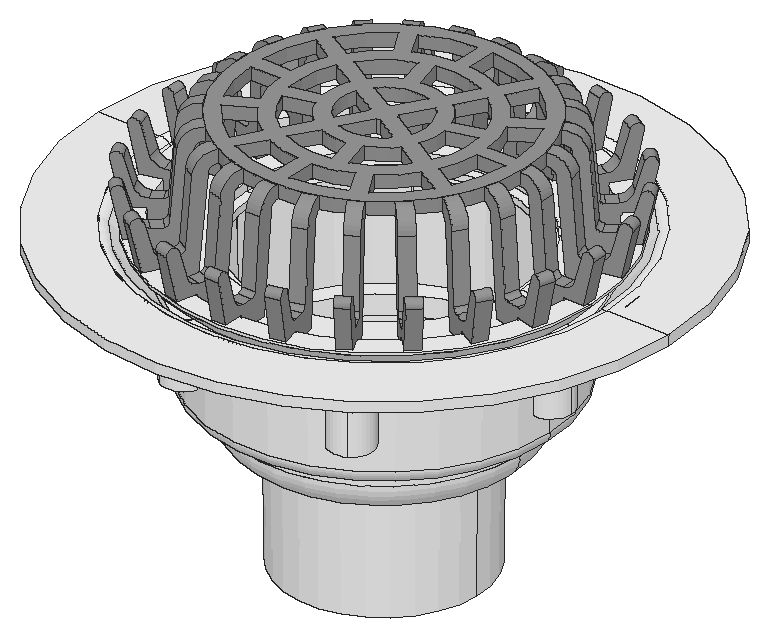
Revit family "3100.193  Roof Drain", category Plumbing Fixtures, Revit 2016
Family settings
  Part Type = Normal
  Round Connector Dimension = Use Diameter
  OmniClass Number = 23.45.00.00
  OmniClass Title = Sanitary, Laundry, and Cleaning Equipment
  Work Plane-Based = No
  Always vertical = Yes
  Cut with Voids When Loaded = No
  Shared = No
  Room Calculation Point = No
Parameters (values of type "3100.193")
  Waste Connection = yes
  Vent Connection = yes
  URL = "www.aquaknight.co.nz"
  Phone = "+6498322214"  # constant formula
  Model = "3100.193"
  Manufacturer = "Aquanight Industries Ltd"  # constant formula
  HW Connection = no
  Email = "info@aquaknight.co.nz"  # constant formula
  Description = "Roof Drain SD HF BE80 DN100x80"
  CW Connection = no
Reference planes
  plane 1 "Center (Front/Back)": y = 0
  plane 2: z = 0
  plane 3 "Center (Left/Right)": x = 0
  plane 4: z = -80
Forms (mm)
  Revolve 1, solid, material "Stainless Steel", detail levels coarse+medium
    sketch origin (0, 0, -4) x (1, 0, 0) y (0, 0, 1)
      loop
        line (0, 44) -> (-57.51, 44)
        arc (-57.51, 44) -> (-63.283, 41.74) -> (-65.988, 36.162) r 8.504
        line (-65.988, 36.162) -> (-68.033, 10.092)
        arc (-68.033, 10.092) -> (-68.634, 8.852) -> (-69.917, 8.35) r 1.89
        line (-69.917, 8.35) -> (-74.388, 8.35)
        arc (-74.388, 8.35) -> (-77.362, 9.331) -> (-79.169, 11.888) r 5
        line (-79.169, 11.888) -> (-82.46, 22.651)
        arc (-82.46, 22.651) -> (-85.284, 24.218) -> (-86.95, 21.452) r 2.325
        line (-86.95, 21.452) -> (-83.071, 4.65) -> (-75, 4.65) -> (-75, 1.923) -> (-63.725, 1.923) -> (-60.77, 35.692)
        arc (-60.77, 35.692) -> (-59.609, 38.048) -> (-57.161, 39) r 3.624
        line (-57.161, 39) -> (0, 39) -> (0, 44)
      axis (0, 44) -> (0, 1.923)
    angle from 0 to 360
  Revolve 2, solid, material "Plastic, Glossy White"
    sketch origin (0, 0, -4) x (1, 0, 0) y (0, 0, 1)
      loop
        line (-55.289, -60.153) -> (-55.401, -53.75) -> (-61.598, -53.75)
        arc (-61.598, -53.75) -> (-65.465, -52.168) -> (-67.114, -48.331) r 5.517
        line (-67.114, -48.331) -> (-67.623, -19.5) -> (-74.069, -19.5)
        arc (-74.069, -19.5) -> (-76.896, -18.33) -> (-78.069, -15.504) r 4
        line (-78.069, -15.504) -> (-78.069, -12.648) -> (-89.863, 0) -> (-115, 0) -> (-115, 4) -> (-90.298, 4)
        arc (-90.298, 4) -> (-88.304, 3.585) -> (-86.641, 2.41) r 5
        line (-86.641, 2.41) -> (-75.069, -10) -> (-72.737, -12.5) -> (-59.466, -12.5) -> (-58.805, -50.375) -> (-51.459, -50.375) -> (-51.459, -58.087)
        arc (-51.459, -58.087) -> (-48.832, -64.843) -> (-42.331, -68.049) r 10
        line (-42.331, -68.049) -> (-34.158, -68.764) -> (-33.723, -117.432) -> (-37.723, -117.432) -> (-38.125, -72.432) -> (-44.246, -71.897)
        arc (-44.246, -71.897) -> (-51.977, -68.126) -> (-55.199, -60.152) r 12
      loop
        line (-51.5, -6.15) -> (-51.5, -3.639) -> (-55.5, -3.639) -> (-55.5, -0.65) -> (-75.215, -0.65) -> (-75.215, 4) -> (-83.73, 4) -> (-83.73, 3.08) -> (-75.475, -5.175) -> (-51.5, -6.15)
      axis (0, 4) -> (0, -117.432)
    angle from 0 to 360
  Extrusion 3, solid, material "Stainless Steel", detail levels fine
    sketch origin (0, 0, 0) x (1, 0, 0) y (0, 1, 0)
      loop
        arc (-46.028, 23.147) -> (-49.762, 13.34) -> (-51.432, 2.979) r 51.54
        line (-51.432, 2.979) -> (-39.767, 2.979)
        arc (-39.767, 2.979) -> (-38.519, 10.327) -> (-35.926, 17.314) r 39.9
        line (-35.926, 17.314) -> (-46.028, 23.147)
      loop
        arc (-28.285, 43.071) -> (-36.422, 36.444) -> (-43.049, 28.307) r 51.54
        line (-43.049, 28.307) -> (-32.946, 22.475)
        arc (-32.946, 22.475) -> (-28.192, 28.214) -> (-22.453, 32.968) r 39.9
        line (-22.453, 32.968) -> (-28.285, 43.071)
      loop
        arc (-17.292, 35.948) -> (-10.305, 38.54) -> (-2.957, 39.789) r 39.9
        line (-2.957, 39.789) -> (-2.957, 51.454)
        arc (-2.957, 51.454) -> (-13.318, 49.784) -> (-23.125, 46.05) r 51.54
        line (-23.125, 46.05) -> (-17.292, 35.948)
      loop
        arc (-11.653, 32.06) -> (-20.749, 27.069) -> (-27.924, 19.575) r 34.12
        line (-27.924, 19.575) -> (-17.706, 13.676)
        arc (-17.706, 13.676) -> (-13.608, 17.763) -> (-8.599, 20.664) r 22.39
        line (-8.599, 20.664) -> (-11.653, 32.06)
      loop
        line (46.028, 23.147) -> (35.926, 17.314)
        arc (35.926, 17.314) -> (38.519, 10.327) -> (39.767, 2.979) r 39.9
        line (39.767, 2.979) -> (51.432, 2.979)
        arc (51.432, 2.979) -> (49.762, 13.34) -> (46.028, 23.147) r 51.54
      loop
        line (28.285, 43.071) -> (22.453, 32.968)
        arc (22.453, 32.968) -> (28.192, 28.214) -> (32.946, 22.475) r 39.9
        line (32.946, 22.475) -> (43.049, 28.307)
        arc (43.049, 28.307) -> (36.422, 36.444) -> (28.285, 43.071) r 51.54
      loop
        line (17.292, 35.948) -> (23.125, 46.05)
        arc (23.125, 46.05) -> (13.318, 49.784) -> (2.957, 51.454) r 51.54
        line (2.957, 51.454) -> (2.957, 39.789)
        arc (2.957, 39.789) -> (10.305, 38.54) -> (17.292, 35.948) r 39.9
      loop
        line (-46.028, -23.147) -> (-35.926, -17.314)
        arc (-35.926, -17.314) -> (-38.519, -10.327) -> (-39.767, -2.979) r 39.9
        line (-39.767, -2.979) -> (-51.432, -2.979)
        arc (-51.432, -2.979) -> (-49.762, -13.34) -> (-46.028, -23.147) r 51.54
      loop
        line (-28.285, -43.071) -> (-22.453, -32.968)
        arc (-22.453, -32.968) -> (-28.192, -28.214) -> (-32.946, -22.475) r 39.9
        line (-32.946, -22.475) -> (-43.049, -28.307)
        arc (-43.049, -28.307) -> (-36.422, -36.444) -> (-28.285, -43.071) r 51.54
      loop
        line (-17.292, -35.948) -> (-23.125, -46.05)
        arc (-23.125, -46.05) -> (-13.318, -49.784) -> (-2.957, -51.454) r 51.54
        line (-2.957, -51.454) -> (-2.957, -39.789)
        arc (-2.957, -39.789) -> (-10.305, -38.54) -> (-17.292, -35.948) r 39.9
      loop
        arc (46.028, -23.147) -> (49.762, -13.34) -> (51.432, -2.979) r 51.54
        line (51.432, -2.979) -> (39.767, -2.979)
        arc (39.767, -2.979) -> (38.519, -10.327) -> (35.926, -17.314) r 39.9
        line (35.926, -17.314) -> (46.028, -23.147)
      loop
        arc (28.285, -43.071) -> (36.422, -36.444) -> (43.049, -28.307) r 51.54
        line (43.049, -28.307) -> (32.946, -22.475)
        arc (32.946, -22.475) -> (28.192, -28.214) -> (22.453, -32.968) r 39.9
        line (22.453, -32.968) -> (28.285, -43.071)
      loop
        arc (17.292, -35.948) -> (10.305, -38.54) -> (2.957, -39.789) r 39.9
        line (2.957, -39.789) -> (2.957, -51.454)
        arc (2.957, -51.454) -> (13.318, -49.784) -> (23.125, -46.05) r 51.54
        line (23.125, -46.05) -> (17.292, -35.948)
      loop
        arc (11.653, -32.06) -> (20.749, -27.069) -> (27.924, -19.575) r 34.12
        line (27.924, -19.575) -> (17.706, -13.676)
        arc (17.706, -13.676) -> (13.608, -17.763) -> (8.599, -20.664) r 22.39
        line (8.599, -20.664) -> (11.653, -32.06)
      loop
        arc (-30.904, 14.415) -> (-33.806, 4.454) -> (-33.581, -5.919) r 34.12
        line (-33.581, -5.919) -> (-22.184, -2.866)
        arc (-22.184, -2.866) -> (-22.177, 2.922) -> (-20.686, 8.515) r 22.39
        line (-20.686, 8.515) -> (-30.904, 14.415)
      loop
        line (-4.945, -0.573) -> (-15.566, 5.56)
        arc (-15.566, 5.56) -> (-15.964, -4.283) -> (-10.698, -12.609) r 16.55
        line (-10.698, -12.609) -> (-4.566, -1.988)
        arc (-4.566, -1.988) -> (-4.808, -1.294) -> (-4.945, -0.573) r 5
      loop
        line (12.631, -10.72) -> (2.01, -4.588)
        arc (2.01, -4.588) -> (1.316, -4.83) -> (0.594, -4.967) r 5
        line (0.594, -4.967) -> (-5.538, -15.588)
        arc (-5.538, -15.588) -> (4.305, -15.986) -> (12.631, -10.72) r 16.55
      loop
        line (4.989, 0.573) -> (15.61, -5.56)
        arc (15.61, -5.56) -> (16.008, 4.283) -> (10.742, 12.609) r 16.55
        line (10.742, 12.609) -> (4.61, 1.988)
        arc (4.61, 1.988) -> (4.852, 1.294) -> (4.989, 0.573) r 5
      loop
        arc (5.581, 15.588) -> (-4.262, 15.986) -> (-12.587, 10.72) r 16.55
        line (-12.587, 10.72) -> (-1.966, 4.588)
        arc (-1.966, 4.588) -> (-1.272, 4.83) -> (-0.551, 4.967) r 5
        line (-0.551, 4.967) -> (5.581, 15.588)
      loop
        line (33.625, 5.919) -> (22.228, 2.866)
        arc (22.228, 2.866) -> (22.22, -2.922) -> (20.729, -8.515) r 22.39
        line (20.729, -8.515) -> (30.948, -14.415)
        arc (30.948, -14.415) -> (33.85, -4.454) -> (33.625, 5.919) r 34.12
      loop
        line (-20.642, -8.621) -> (-32.038, -11.675)
        arc (-32.038, -11.675) -> (-27.047, -20.771) -> (-19.553, -27.946) r 34.12
        line (-19.553, -27.946) -> (-13.654, -17.728)
        arc (-13.654, -17.728) -> (-17.741, -13.63) -> (-20.642, -8.621) r 22.39
      loop
        arc (-14.393, -30.926) -> (-4.432, -33.828) -> (5.941, -33.603) r 34.12
        line (5.941, -33.603) -> (2.887, -22.206)
        arc (2.887, -22.206) -> (-2.901, -22.198) -> (-8.493, -20.708) r 22.39
        line (-8.493, -20.708) -> (-14.393, -30.926)
      loop
        line (20.686, 8.621) -> (32.082, 11.675)
        arc (32.082, 11.675) -> (27.091, 20.771) -> (19.597, 27.946) r 34.12
        line (19.597, 27.946) -> (13.698, 17.728)
        arc (13.698, 17.728) -> (17.785, 13.63) -> (20.686, 8.621) r 22.39
      loop
        arc (14.437, 30.926) -> (4.475, 33.828) -> (-5.897, 33.603) r 34.12
        line (-5.897, 33.603) -> (-2.844, 22.206)
        arc (-2.844, 22.206) -> (2.944, 22.198) -> (8.537, 20.708) r 22.39
        line (8.537, 20.708) -> (14.437, 30.926)
      loop
        circle (-0.022, 0) r 57.252
    from 35 to 40
  Extrusion 4, solid, material "Plastic, Glossy White", detail levels medium+fine
    sketch origin (0, 0, -4) x (1, 0, 0) y (0, 1, 0)
      loop
        circle (67.565, 0) r 8.2
      loop
        circle (-67.565, 0) r 8.2
      loop
        circle (-33.782, 58.513) r 8.2
      loop
        circle (33.782, 58.513) r 8.2
      loop
        circle (-33.782, -58.513) r 8.2
      loop
        circle (33.782, -58.513) r 8.2
    from -38.379 to -12.5
Lines and regions (mm)
  model lines, detail levels medium+fine
    curve 1: circle (53.522, 92.665, 0) r 4.5 normal (0, 0, 1)
    curve 2: circle (107.022, 0, 0) r 4.5 normal (0, 0, 1)
    curve 3: circle (-53.478, 92.665, 0) r 4.5 normal (0, 0, 1)
    curve 4: circle (-106.978, 0, 0) r 4.5 normal (0, 0, 1)
    curve 5: circle (-53.478, -92.665, 0) r 4.5 normal (0, 0, 1)
    curve 6: circle (53.522, -92.665, 0) r 4.5 normal (0, 0, 1)
Dimensions and locks
  locked: level to plane 4 at 80
  locked: connector elem to plane 1 "Center (Front/Back)" at 0
  locked: connector elem to plane 3 "Center (Left/Right)" at 0
  aligned and locked: level to plane 2
Nested families
  nested 1: "hook" at (0, 0, 0), type "230", detail levels fine
  nested 2: "hook" at (0, 0, 0) x (0.9659, -0.2588, 0) z (0, 0, 1), type "230", detail levels fine
  nested 3: "hook" at (0, 0, 0) x (0.866, -0.5, 0) z (0, 0, 1), type "230", detail levels fine
  nested 4: "hook" at (0, 0, 0) x (0.7071, -0.7071, 0) z (0, 0, 1), type "230", detail levels fine
  nested 5: "hook" at (0, 0, 0) x (0.5, -0.866, 0) z (0, 0, 1), type "230", detail levels fine
  nested 6: "hook" at (0, 0, 0) x (0.2588, -0.9659, 0) z (0, 0, 1), type "230", detail levels fine
  nested 7: "hook" at (0, 0, 0) x (0, -1, 0) z (0, 0, 1), type "230", detail levels fine
  nested 8: "hook" at (0, 0, 0) x (-0.2588, -0.9659, 0) z (0, 0, 1), type "230", detail levels fine
  nested 9: "hook" at (0, 0, 0) x (-0.5, -0.866, 0) z (0, 0, 1), type "230", detail levels fine
  nested 10: "hook" at (0, 0, 0) x (-0.7071, -0.7071, 0) z (0, 0, 1), type "230", detail levels fine
  nested 11: "hook" at (0, 0, 0) x (-0.866, -0.5, 0) z (0, 0, 1), type "230", detail levels fine
  nested 12: "hook" at (0, 0, 0) x (-0.9659, -0.2588, 0) z (0, 0, 1), type "230", detail levels fine
  nested 13: "hook" at (0, 0, 0) x (-1, 0, 0) z (0, 0, 1), type "230", detail levels fine
  nested 14: "hook" at (0, 0, 0) x (-0.9659, 0.2588, 0) z (0, 0, 1), type "230", detail levels fine
  nested 15: "hook" at (0, 0, 0) x (-0.866, 0.5, 0) z (0, 0, 1), type "230", detail levels fine
  nested 16: "hook" at (0, 0, 0) x (-0.7071, 0.7071, 0) z (0, 0, 1), type "230", detail levels fine
  nested 17: "hook" at (0, 0, 0) x (-0.5, 0.866, 0) z (0, 0, 1), type "230", detail levels fine
  nested 18: "hook" at (0, 0, 0) x (-0.2588, 0.9659, 0) z (0, 0, 1), type "230", detail levels fine
  nested 19: "hook" at (0, 0, 0) x (0, 1, 0) z (0, 0, 1), type "230", detail levels fine
  nested 20: "hook" at (0, 0, 0) x (0.2588, 0.9659, 0) z (0, 0, 1), type "230", detail levels fine
  nested 21: "hook" at (0, 0, 0) x (0.5, 0.866, 0) z (0, 0, 1), type "230", detail levels fine
  nested 22: "hook" at (0, 0, 0) x (0.7071, 0.7071, 0) z (0, 0, 1), type "230", detail levels fine
  nested 23: "hook" at (0, 0, 0) x (0.866, 0.5, 0) z (0, 0, 1), type "230", detail levels fine
  nested 24: "hook" at (0, 0, 0) x (0.9659, 0.2588, 0) z (0, 0, 1), type "230", detail levels fine
Connectors
  piping at (0, 0, -80), diameter 80
    settings: on plane 4, index 1, connector inside diameter 609.6 mm, connector length 0 mm, flow factor 0, pipe flow 0.0 L/s, pressure drop 0.0 Pa, fitting loss kfactor 0, connector angle 0.00°, fixture units 0, engagement length 0 mm, angle of deflection 0.00°, flow configuration 0, flow direction 0, fitting loss method 0, system type 28, joint type 0, gender type 0, connector reference index -1, connector utility 0, adjustable connector no, is connector primary yes, connector description ""
Definition of nested family "hook"
  Parameters (values of type "230")
    Waste Connection = yes
    Vent Connection = yes
    URL = ""
    Model = ""
    Manufacturer = ""
    HW Connection = no
    Description = ""
    CW Connection = no
  Reference planes
    plane 1 "Center (Front/Back)": y = 0
    plane 2: z = 0
    plane 3 "Center (Left/Right)": x = 0
    plane 4: z = 40
  Forms (mm)
    Extrusion 1, solid, detail levels fine
      sketch origin (0, 0, 0) x (1, 0, 0) y (0, 0, 1)
        loop
          arc (-74.388, 4.35) -> (-77.362, 5.331) -> (-79.169, 7.888) r 5
          line (-79.169, 7.888) -> (-82.46, 18.651)
          arc (-82.46, 18.651) -> (-85.284, 20.218) -> (-86.95, 17.452) r 2.325
          line (-86.95, 17.452) -> (-83.071, 0.65) -> (-75, 0.65) -> (-75, -4.65) -> (-63.95, -4.65) -> (-60.77, 31.692)
          arc (-60.77, 31.692) -> (-59.638, 34.021) -> (-57.24, 34.999) r 3.624
          line (-57.24, 34.999) -> (-57.24, 39.996)
          arc (-57.24, 39.996) -> (-63.183, 37.831) -> (-65.988, 32.162) r 8.504
          line (-65.988, 32.162) -> (-68.033, 6.092)
          arc (-68.033, 6.092) -> (-68.634, 4.852) -> (-69.917, 4.35) r 1.89
          line (-69.917, 4.35) -> (-74.388, 4.35)
      from -2.8 to 2.8
  Dimensions and locks
    aligned and locked: level to plane 2
